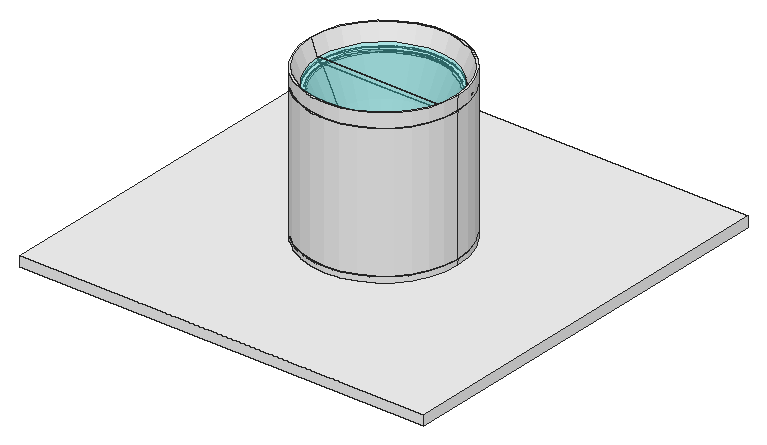
Revit family "BE_24407_de_DE", category Leuchten, Revit 2020
Family settings
  Basisbauteil = Fläche
  Bemaßung runder Anschluss = Durchmesser verwenden
  Teiletyp = Normal
  Beim Laden mit Abzugskörper schneiden = Ja
  Lichtquelle = Ja
  Gemeinsam genutzt = Nein
  Raumberechnungspunkt = Ja
Parameters (values of type "BEGA_24407_Weiß_K4")
  built-in parameter 1150104 = 12.914 (stored number, unit not read)
  Wattage = 11.5 W
  Default Elevation = 0 mm
  built-in parameter 1150113 = 1 (stored number, unit not read)
  built-in parameter 1114218 = 1 (stored number, unit not read)
  Umgebungstemperatur = "25 °C"
  URL = "https://www.bega.com/de/produkt/24407"
  Typenkommentare = "© 2022 BEGA. Wir behalten uns das Recht vor, technische Änderungen ohne vorherige Ankündigung vorzunehmen."  # constant formula
  Type Image = 24407.png
  built-in parameter 1150134 = 12
  built-in parameter 1150109 = 1 (stored number, unit not read)
  Strom = "0,35 A"
  built-in parameter 1150110 = 1 (stored number, unit not read)
  Spannung = 239.996 V
  Sonderanfertigung = no
  Seriennummer [instance] = "Hier können Sie die eindeutige Seriennummer für das Facility Management eintragen."
  Schutzklasse = "I"
  Schutzart = "IP 65"
  Scheinlast = 0 VA
  Produktdatenblatt = "https://cdn.bega.com/bega/products/24407WK4/current/documents/data-sheets/de"
  Oberflächentemperatur = ""
  Neigungswinkel = 0.00°
  Modell = "24407WK4"
  Material_17 = BEGA_Reflektor
  Material_15 = BEGA_Leuchtmedium_matt
  Material_11 = BEGA_Glas_opal
  Material_09 = BEGA_Glas_klar
  Material_06 = BEGA_Oberfläche_Edelstahl_gebürstet
  Material_03 = BEGA_Oberfläche_Weiss_matt
  Material_02 = BEGA_Oberfläche_Silber_matt
  Material_01 [instance] = BEGA_Oberfläche_Grafit_matt
  M_W = yes
  M_G = no
  M_A = no
  Logo = 0
  built-in parameter 1114217 = 1 (stored number, unit not read)
  built-in parameter 1150139 = (empty or 0)
  built-in parameter 1150105 = 3942.2 (stored number, unit not read)
  built-in parameter 1150114 = 1 (stored number, unit not read)
  Lumens = 1598.5 lm
  built-in parameter 1150115 = 1 (stored number, unit not read)
  Leuchtenlichtstrom = "1595 lm"
  Leuchtenanzahl = ""
  Lebensdauerkriterien = "L70B50 @ 25 °C = 200000 h"
  Lastklassifizierung = Beleuchtung
  built-in parameter 1150112 = 1 (stored number, unit not read)
  Lampenlichtstrom = "2080 lm"
  Lampe = "LED 11.5 W"
  LED_Modulbezeichnung = "LED-0800/840"
  built-in parameter 1150142 = (empty or 0)
  Hersteller = "BEGA"  # constant formula
  Halbstreuwinkel = ""
  Gewicht = "1.7 kg"
  Gebrauchslageneinschränkung [instance] = ""
  Frequenz = "0/50-60 Hz"
  Farbwiedergabeindex = "CRI > 80"
  Farbtemperaturverschiebung bei Dämpfen der Lampe = <Keine Auswahl>
  Farbtemperatur = "4000 K"
  Color Filter = 16777215
  built-in parameter 1150133 = 10 (stored number, unit not read)
  Energieeffizienzklasse = "LED A++ - A"
  built-in parameter 1150137 = (empty or 0)
  built-in parameter 1150132 = (empty or 0)
  ENEC = "ja"
  Dimmbar [instance] = "DALI"
  Datei für fotometrisches Netz = "BE_24407K4.IES"
  CE_Konformität = "ja"
  Bestellnummer = "24407WK4"
  Beschreibung_Sonderanfertigung = "Hier können Sie Informationen zur Sonderanfertigung eintragen."
  Beschreibung = "Deckenaufbau-Tiefstrahler"
  built-in parameter 1150106 = 39.422 (stored number, unit not read)
  Befestigungsbohrung = "Ø 4,3 mm"
  Befestigungsabstand = "123 mm"
  Ballwurfsicher = ""
  BEGA_Intern_aus = yes
  BEGA_Intern_an = yes
  BEGA_Intern_Konstruktion = yes
  BEGA_Intern = yes
  BEGA_IES = yes
  BEGA_Dummy = no
  Anschlussleitung = ""
  Anschlussleistung [instance] = "13.2 W"
  Anschlusskasten = ""
  built-in parameter 1150107 = 4000 (stored number, unit not read)
  built-in parameter 1150102 = (empty or 0)
  built-in parameter 1150138 = (empty or 0)
  Aktualisierung = "2022-05-18T04:00:07"
  Abstand_zur_angestrahlten_Fläche [instance] = ""
  AC/DC = "AC/DC"
Types (4, lengths in mm): name | built-in parameter 1150104 | built-in parameter 1150134 | Modell | M_W | M_G | built-in parameter 1150105 | Lumens | Leuchtenlichtstrom | Lampenlichtstrom | LED_Modulbezeichnung | built-in parameter 1150142 | Farbtemperatur | Datei für fotometrisches Netz | Bestellnummer | built-in parameter 1150106 | built-in parameter 1150107
  BEGA_24407_Weiß_K3 | 12.542 (stored number, unit not read) | (empty or 0) | "24407WK3" | yes | no | 3828.8 (stored number, unit not read) | 1552.5 lm | "1553 lm" | "2025 lm" | "LED-0800/830" | (empty or 0) | "3000 K" | "BE_24407K3.IES" | "24407WK3" | 38.288 (stored number, unit not read) | 3000 (stored number, unit not read)
  BEGA_24407_Grafit_K4 | 12.914 (stored number, unit not read) | 12 | "24407K4" | no | yes | 3942.2 (stored number, unit not read) | 1598.5 lm | "1595 lm" | "2080 lm" | "LED-0800/840" | "IESNA:LM-63-1995\r\n[TEST] \r\n[MANUFAC] BEGA\r\n[MORE] Converted by LUMCat V \r\n[MORE] 12.07.2019 / H.R.\r\n[LUMCAT] \r\n[LUMINAIRE] 24407K4\r\n[LAMPCAT] LED  11,5W\r\n[LAMPCAT] LED  11,5W    1595 lm,   13 W\r\n[LAMP] LED  11,5W\r\nTILT=NONE\r\n1    1595 1.0 37 1 1 2 -0.120 0.000 0.000\r\n1.0 1.0 13\r\n   0.0   2.5   5.0   7.5  10.0  12.5  15.0  17.5  20.0  22.5  25.0  27.5  30.0\r\n  32.5  35.0  37.5  40.0  42.5  45.0  47.5  50.0  52.5  55.0  57.5  60.0  62.5\r\n  65.0  67.5  70.0  72.5  75.0  77.5  80.0  82.5  85.0  87.5  90.0\r\n   0.0\r\n    3921.8    3933.6    3926.3    3741.9    3323.7    2852.0    2228.7    1606.5\r\n    1154.6     875.6     720.4     614.7     520.1     433.9     346.4     277.4\r\n     200.4     124.7      71.1      41.1      28.8      21.9      16.9      11.5\r\n       5.9       1.9       0.4       0.0       0.0       0.0       0.0       0.0\r\n       0.0       0.0       0.0       0.0       0.0\r\n" | "4000 K" | "BE_24407K4.IES" | "24407K4" | 39.422 (stored number, unit not read) | 4000 (stored number, unit not read)
  BEGA_24407_Grafit_K3 | 12.542 (stored number, unit not read) | (empty or 0) | "24407K3" | no | yes | 123.54 (stored number, unit not read) | 1552.5 lm | "1553 lm" | "2025 lm" | "LED-0800/830" | "IESNA:LM-63-1995\r\n[TEST] \r\n[MANUFAC] BEGA\r\n[MORE] Converted by LUMCat V \r\n[MORE] 12.07.2019 / H.R.\r\n[LUMCAT] \r\n[LUMINAIRE] 24407K3\r\n[LAMPCAT] LED  11,5W\r\n[LAMPCAT] LED  11,5W    1553 lm,   13 W\r\n[LAMP] LED  11,5W\r\nTILT=NONE\r\n1    1553 1.0 37 1 1 2 -0.120 0.000 0.000\r\n1.0 1.0 13\r\n   0.0   2.5   5.0   7.5  10.0  12.5  15.0  17.5  20.0  22.5  25.0  27.5  30.0\r\n  32.5  35.0  37.5  40.0  42.5  45.0  47.5  50.0  52.5  55.0  57.5  60.0  62.5\r\n  65.0  67.5  70.0  72.5  75.0  77.5  80.0  82.5  85.0  87.5  90.0\r\n   0.0\r\n    3818.5    3830.0    3822.9    3643.3    3236.1    2776.9    2170.0    1564.2\r\n    1124.2     852.5     701.4     598.5     506.4     422.4     337.3     270.1\r\n     195.1     121.4      69.2      40.0      28.0      21.4      16.4      11.2\r\n       5.7       1.8       0.4       0.0       0.0       0.0       0.0       0.0\r\n       0.0       0.0       0.0       0.0       0.0\r\n" | "3000 K" | "BE_24407K3.IES" | "24407K3" | 1.2354 (stored number, unit not read) | 3000 (stored number, unit not read)
  BEGA_24407_Weiß_K4 | 12.914 (stored number, unit not read) | 12 | "24407WK4" | yes | no | 3942.2 (stored number, unit not read) | 1598.5 lm | "1595 lm" | "2080 lm" | "LED-0800/840" | (empty or 0) | "4000 K" | "BE_24407K4.IES" | "24407WK4" | 39.422 (stored number, unit not read) | 4000 (stored number, unit not read)
Reference planes
  plane 1 "Mitte (Vorne/Hinten)": y = 0
  plane 2: z = 0
  plane 3 "Mitte (Links/Rechts)": x = 0
  plane 4 "Links": x = -73.502
  plane 5 "Rechts": x = 73.5
  plane 6 "Unten": y = -73.507
  plane 7 "Oben": y = 73.524
  plane 8 "Vorne": z = 150.379
  plane 9 "Hinten": z = 0
Forms (mm)
  Extrusion 1, solid, material "BEGA_Platte_Weiss"
    sketch origin (0, -1119.2, 0) x (1, 0, 0) y (0, 1, 0)
      loop
        line (-200, 1319.2) -> (-200, 919.2) -> (200, 919.2) -> (200, 1319.2) -> (-200, 1319.2)
    from 0 to -10
  Extrusion 2, solid, material "BEGA_Dummy_matt", visible <- "BEGA_Dummy"
    sketch origin (77.149, -76.023, 0) x (1, 0, 0) y (0, 1, 0)
      loop
        circle (-77.149, 76.023) r 73.511
    from 0 to 150.2
Dimensions and locks
  plane 1 "Mitte (Vorne/Hinten)" to Extrusion 1 = 200 mm
  aligned and locked: plane 2 to Extrusion 1
  aligned and locked: level to Extrusion 1
Nested families
  nested 1: "BE_24407" at (0, 0, 0), type "BE_24407"
Connectors
  electrical at (0, 0, 0), driven by "Lastklassifizierung", driven by "Spannung", driven by "Scheinlast"
    settings: index 1, voltage 239.996 V, apparent load 0 VA, apparent load phase1 0 VA, apparent load phase2 0 VA, apparent load phase3 0 VA, power factor 1, load classification "Beleuchtung", number of poles 1, system type 31, power factor state 1, is connector primary yes, connector utility no, sub classification motor no, connector description ""
Definition of nested family "BE_24407"
  Parameters (values of type "BE_24407")
    Default Elevation = 1 mm
    URL = "http://www.bega.de/de/produkt"
    Type Comments = "© 2015 BEGA. Wir behalten uns das Recht vor, technische Änderungen ohne vorherige Ankündigung vorzunehmen. "  # constant formula
    Type Image = (empty or 0)
    Neigungswinkel_um_Z2 = 0.00°
    Neigungswinkel_um_Z1 = 0.00°
    Neigungswinkel_um_Y2 = 0.00°
    Neigungswinkel_um_Y1 = 0.00°
    Neigungswinkel_um_X2 = 0.00°
    Neigungswinkel_um_X1 = 0.00°
    Material_17 = none
    Material_15 = none
    Material_11 = none
    Material_09 = none
    Material_06 = none
    Material_03 = none
    Material_02 = none
    Material_01 = none
    M_W = yes
    M_G = yes
    M_A = yes
    Länge_Platte = 200 mm  # constant formula
    Höhe_Platte = -10 mm  # constant formula
    Manufacturer = "BEGA"  # constant formula
    Drehwinkel_um_Z2 = 0.00°
    Drehwinkel_um_Z1 = 0.00°
    Breite_Platte = 200 mm  # constant formula
  Reference planes
    plane 1 "Mitte (Oben/Unten)": y = 0
    plane 2: z = 0
    plane 3 "Mitte (Links/Rechts)": x = 0
    plane 4 "Hinten": z = -40
    plane 5 "Links": x = -73.502
    plane 6 "Oben": y = 73.524
    plane 7 "Unten": y = -73.507
    plane 8: z = 150.2
    plane 9: x = 73.5
  Forms (mm)
    Extrusion 1, solid, detail levels medium
      sketch origin (0, 0, 0) x (1, 0, 0) y (0, 1, 0)
        loop
          line (-100, 100) -> (-100, -100) -> (100, -100) -> (100, 100) -> (-100, 100)
      from 0 to -10 <- "Höhe_Platte"
    Revolve 2, solid, material <- "Material_01", visible <- "M_G"
      sketch origin (0, 0, 0) x (1, 0, 0) y (0, 0, 1)
        loop
          line (-73.5, 136.2) -> (-73.5, 6) -> (-72.592, 6) -> (-71.5, 9) -> (-71.5, 24.964) -> (-63.501, 24.964) -> (-62.435, 55.5) -> (0, 55.5) -> (0, 60.5) -> (-61.52, 60.5) -> (-63.5, 117.2) -> (-71.5, 117.2) -> (-71.5, 133.2) -> (-72.592, 136.2) -> (-73.5, 136.2)
        axis (0, 6) -> (0, 136.2)
      angle from 0 to 360
    Revolve 3, solid, material <- "Material_17"
      sketch origin (0, 0, 0) x (1, 0, 0) y (0, 0, 1)
        loop
          arc (-61.084, 127.6) -> (-45.934, 95.233) -> (-27.286, 64.746) r 321.6
          arc (-27.286, 64.746) -> (-26.772, 64.283) -> (-26.105, 64.1) r 1.5
          line (-26.105, 64.1) -> (-25.035, 64.1) -> (-22.5, 64.1) -> (-22.5, 65.2)
          arc (-22.5, 65.2) -> (-22.646, 65.554) -> (-23, 65.7) r 0.5
          line (-23, 65.7) -> (-25.969, 65.7)
          arc (-25.969, 65.7) -> (-44.763, 96.49) -> (-59.972, 129.2) r 319.974
          line (-59.972, 129.2) -> (-64.916, 129.2) -> (-65, 127.6) -> (-61.084, 127.6)
        axis (0, 64.1) -> (0, 129.2)
      angle from 0 to 360
    Revolve 4, solid, material <- "Material_01", visible <- "M_G"
      sketch origin (0, 0, 0) x (1, 0, 0) y (0, 0, 1)
        loop
          line (-73.5, 150.2) -> (-73.5, 137.217) -> (-71.384, 136.994) -> (-69.5, 133.468) -> (-70.5, 132.891) -> (-70.5, 124.35) -> (-68.578, 123.7) -> (-66.339, 123.7) -> (-66.152, 129.2) -> (-62.553, 129.2)
          arc (-62.553, 129.2) -> (-61.858, 129.481) -> (-61.554, 130.166) r 1
          line (-61.554, 130.166) -> (-61.517, 131.2) -> (-64.965, 131.2) -> (-65, 132.2) -> (-72, 150.2) -> (-73.5, 150.2)
        axis (0, 123.7) -> (0, 150.2)
      angle from 0 to 360
    Revolve 5, solid, material <- "Material_15"
      sketch origin (0, 0, 0) x (1, 0, 0) y (0, 0, 1)
        loop
          line (-16, 60.5) -> (0, 60.5) -> (0, 62.05) -> (-16, 62.05) -> (-16, 60.5)
        axis (0, 60.5) -> (0, 62.05)
      angle from 0 to 360
    Revolve 6, solid, material <- "Material_09"
      sketch origin (0, 0, 0) x (1, 0, 0) y (0, 0, 1)
        loop
          line (-64.5, 135.8) -> (-64.5, 131.7) -> (0, 131.7) -> (0, 135.8) -> (-64.5, 135.8)
        axis (0, 131.7) -> (0, 135.8)
      angle from 0 to 360
    Revolve 7, solid, material <- "Material_03", visible <- "M_W"
      sketch origin (0, 0, 0) x (1, 0, 0) y (0, 0, 1)
        loop
          line (-73.5, 136.2) -> (-73.5, 6) -> (-72.592, 6) -> (-71.5, 9) -> (-71.5, 24.964) -> (-63.501, 24.964) -> (-62.435, 55.5) -> (0, 55.5) -> (0, 60.5) -> (-61.52, 60.5) -> (-63.5, 117.2) -> (-71.5, 117.2) -> (-71.5, 133.2) -> (-72.592, 136.2) -> (-73.5, 136.2)
        axis (0, 6) -> (0, 136.2)
      angle from 0 to 360
    Revolve 8, solid, material <- "Material_03", visible <- "M_W"
      sketch origin (0, 0, 0) x (1, 0, 0) y (0, 0, 1)
        loop
          line (-73.5, 150.2) -> (-73.5, 137.217) -> (-71.384, 136.994) -> (-69.5, 133.468) -> (-70.5, 132.891) -> (-70.5, 124.35) -> (-68.578, 123.7) -> (-66.339, 123.7) -> (-66.152, 129.2) -> (-62.553, 129.2)
          arc (-62.553, 129.2) -> (-61.858, 129.481) -> (-61.554, 130.166) r 1
          line (-61.554, 130.166) -> (-61.517, 131.2) -> (-64.965, 131.2) -> (-65, 132.2) -> (-72, 150.2) -> (-73.5, 150.2)
        axis (0, 123.7) -> (0, 150.2)
      angle from 0 to 360
    Revolve 9, solid, material <- "Material_01", visible <- "M_G"
      sketch origin (0, 0, 0) x (1, 0, 0) y (0, 0, 1)
        loop
          line (-66.29, 17) -> (0, 17) -> (0, 20) -> (-70.5, 20) -> (-70.5, 5.299) -> (-73.502, 4.983) -> (-73.502, 0) -> (-66.884, 0) -> (-66.29, 17)
        axis (0, 0) -> (0, 20)
      angle from 0 to 360
    Extrusion 10, solid, material <- "Material_01", visible <- "M_G"
      sketch origin (0, 0, 0) x (1, 0, 0) y (0, 1, 0)
        loop
          circle (-61.5, 0) r 2.233
        loop
          circle (-61.5, 0) r 6.309
        loop
          circle (61.5, 0) r 2.233
        loop
          circle (61.5, 0) r 6.309
      from 0 to 24.964
    Revolve 11, solid, material <- "Material_03", visible <- "M_W"
      sketch origin (0, 0, 0) x (1, 0, 0) y (0, 0, 1)
        loop
          line (-66.29, 17) -> (0, 17) -> (0, 20) -> (-70.5, 20) -> (-70.5, 5.299) -> (-73.502, 4.983) -> (-73.502, 0) -> (-66.884, 0) -> (-66.29, 17)
        axis (0, 0) -> (0, 20)
      angle from 0 to 360
    Extrusion 12, solid, material <- "Material_03", visible <- "M_W"
      sketch origin (0, 0, 0) x (1, 0, 0) y (0, 1, 0)
        loop
          circle (-61.5, 0) r 2.233
        loop
          circle (-61.5, 0) r 6.309
        loop
          circle (61.5, 0) r 2.233
        loop
          circle (61.5, 0) r 6.309
      from 0 to 24.964
    Extrusion 13, void
      sketch origin (0, 0, 0) x (1, 0, 0) y (0, 1, 0)
        loop
          circle (-20, -46) r 7.197
        loop
          circle (-20, 46) r 7.197
      from 0 to 24.964
  Cuts and joins
    Extrusion 13 cuts Revolve 9
    Extrusion 13 cuts Extrusion 10
    joined: Revolve 9, Extrusion 10
    Extrusion 13 cuts Revolve 11
    Extrusion 13 cuts Extrusion 12
    joined: Revolve 11, Extrusion 12
    Extrusion 13 cuts Revolve 2
    Extrusion 13 cuts Revolve 3
    Extrusion 13 cuts Revolve 6
    Extrusion 13 cuts Revolve 7
  Dimensions and locks
    equal spacing: Extrusion 1 sketch curve, plane 3 "Mitte (Links/Rechts)", Extrusion 1 sketch curve
    equal spacing: Extrusion 1 sketch curve, plane 1 "Mitte (Oben/Unten)", Extrusion 1 sketch curve
    "Länge_Platte": Extrusion 1 sketch curve to Extrusion 1 sketch curve
    "Breite_Platte": Extrusion 1 sketch curve to Extrusion 1 sketch curve
    aligned and locked: plane 2 to Extrusion 1
    aligned and locked: level to Extrusion 1
  Automatic sketch dimensions
    Revolve 2 sketch curve to plane 3 "Mitte (Links/Rechts)" = 0 mm  (x2)
    Revolve 2 sketch curve to plane 3 "Mitte (Links/Rechts)" = 61.52 mm
    Revolve 2 sketch curve to Revolve 2 sketch curve = 0.915 mm
    Revolve 2 sketch curve to Revolve 2 sketch curve = 1.98 mm
    Revolve 2 sketch curve to Revolve 2 sketch curve = 1.066 mm
    level to Revolve 2 sketch curve = 9 mm
    Revolve 2 sketch curve to Revolve 2 sketch curve = 7.999 mm
    Revolve 2 sketch curve to Revolve 2 sketch curve = 8 mm
    Revolve 2 sketch curve to Revolve 2 sketch curve = 1.092 mm  (x2)
    level to Revolve 2 sketch curve = 6 mm
    Revolve 2 sketch curve to Revolve 2 sketch curve = 0.908 mm
    Revolve 2 sketch curve to Revolve 2 sketch curve = 15.964 mm
    level to Revolve 2 sketch curve = 55.5 mm
    Revolve 2 sketch curve to Revolve 2 sketch curve = 5 mm
    Revolve 2 sketch curve to Revolve 2 sketch curve = 56.7 mm
    Revolve 2 sketch curve to Revolve 2 sketch curve = 16 mm
    Revolve 2 sketch curve to Revolve 2 sketch curve = 3 mm
    Revolve 2 sketch curve to Revolve 2 sketch curve = 38.059 mm
    Revolve 2 sketch curve to Revolve 2 sketch curve = 10 mm
    Revolve 3 sketch curve to Revolve 3 sketch curve = 0 mm  (x4)
    Revolve 3 sketch curve to plane 3 "Mitte (Links/Rechts)" = 0 mm
    Revolve 3 sketch curve to plane 3 "Mitte (Links/Rechts)" = 22.5 mm
    Revolve 3 sketch curve to Revolve 3 sketch curve = 0.5 mm
    Revolve 3 sketch curve to Revolve 3 sketch curve = 2.035 mm
    Revolve 3 sketch curve to Revolve 3 sketch curve = 1.07 mm
    Revolve 3 sketch curve to plane 3 "Mitte (Links/Rechts)" = 59.972 mm
    Revolve 3 sketch curve to Revolve 3 sketch curve = 1.111 mm
    Revolve 3 sketch curve to Revolve 3 sketch curve = 3.833 mm
    Revolve 3 sketch curve to Revolve 3 sketch curve = 0.084 mm
    Revolve 3 sketch curve to Revolve 3 sketch curve = 1.1 mm
    Revolve 3 sketch curve to Revolve 3 sketch curve = 1.6 mm
    Revolve 3 sketch curve to Revolve 3 sketch curve = 2.969 mm
    Revolve 3 sketch curve to Revolve 3 sketch curve = 36.359 mm
    Revolve 3 sketch curve to Revolve 3 sketch curve = 5 mm
    Revolve 3 sketch curve to Revolve 3 sketch curve = 0.054 mm
    Revolve 3 sketch curve to Revolve 3 sketch curve = 1.499 mm
    Revolve 3 sketch curve to Revolve 3 sketch curve = 20.541 mm
    Revolve 4 sketch curve to plane 3 "Mitte (Links/Rechts)" = 0 mm
    Revolve 4 sketch curve to plane 3 "Mitte (Links/Rechts)" = 61.517 mm
    Revolve 4 sketch curve to Revolve 4 sketch curve = 0.036 mm
    Revolve 4 sketch curve to Revolve 4 sketch curve = 0.999 mm
    Revolve 4 sketch curve to Revolve 4 sketch curve = 2.412 mm
    Revolve 4 sketch curve to Revolve 4 sketch curve = 0.035 mm
    Revolve 4 sketch curve to Revolve 4 sketch curve = 1.187 mm
    Revolve 4 sketch curve to Revolve 4 sketch curve = 0.187 mm
    Revolve 4 sketch curve to Revolve 4 sketch curve = 2.239 mm
    Revolve 4 sketch curve to Revolve 4 sketch curve = 4.5 mm
    Revolve 4 sketch curve to Revolve 4 sketch curve = 1 mm  (x2)
    Revolve 4 sketch curve to Revolve 4 sketch curve = 1.884 mm
    Revolve 4 sketch curve to Revolve 4 sketch curve = 0.616 mm
    Revolve 4 sketch curve to Revolve 4 sketch curve = 2.116 mm
    Revolve 4 sketch curve to Revolve 4 sketch curve = 0.65 mm
    Revolve 4 sketch curve to Revolve 4 sketch curve = 5.5 mm
    Revolve 4 sketch curve to Revolve 4 sketch curve = 0.966 mm
    Revolve 4 sketch curve to Revolve 4 sketch curve = 1.034 mm
    Revolve 4 sketch curve to Revolve 4 sketch curve = 0.691 mm
    Revolve 4 sketch curve to Revolve 4 sketch curve = 0.577 mm
    Revolve 4 sketch curve to Revolve 4 sketch curve = 3.526 mm
    Revolve 4 sketch curve to Revolve 4 sketch curve = 0.222 mm
    Revolve 4 sketch curve to Revolve 4 sketch curve = 12.983 mm
    Revolve 4 sketch curve to Revolve 4 sketch curve = 10 mm
    Revolve 5 sketch curve to plane 3 "Mitte (Links/Rechts)" = 0 mm  (x2)
    Revolve 5 sketch curve to Revolve 5 sketch curve = 16 mm
    Revolve 5 sketch curve to Revolve 5 sketch curve = 0 mm
    level to Revolve 5 sketch curve = 60.5 mm
    Revolve 5 sketch curve to Revolve 5 sketch curve = 1.55 mm
    Revolve 5 sketch curve to Revolve 5 sketch curve = 10.335 mm
    Revolve 5 sketch curve to Revolve 5 sketch curve = 2.718 mm
    Revolve 6 sketch curve to plane 3 "Mitte (Links/Rechts)" = 0 mm  (x2)
    Revolve 6 sketch curve to Revolve 6 sketch curve = 64.5 mm
    Revolve 6 sketch curve to Revolve 6 sketch curve = 4.1 mm
    Revolve 6 sketch curve to Revolve 6 sketch curve = 20 mm
    Revolve 6 sketch curve to Revolve 6 sketch curve = 17.052 mm
    Revolve 7 sketch curve to plane 3 "Mitte (Links/Rechts)" = 0 mm  (x2)
    Revolve 7 sketch curve to plane 3 "Mitte (Links/Rechts)" = 61.52 mm
    Revolve 7 sketch curve to Revolve 7 sketch curve = 0.915 mm
    Revolve 7 sketch curve to Revolve 7 sketch curve = 1.98 mm
    Revolve 7 sketch curve to Revolve 7 sketch curve = 1.066 mm
    level to Revolve 7 sketch curve = 9 mm
    Revolve 7 sketch curve to Revolve 7 sketch curve = 7.999 mm
    Revolve 7 sketch curve to Revolve 7 sketch curve = 8 mm
    Revolve 7 sketch curve to Revolve 7 sketch curve = 1.092 mm  (x2)
    level to Revolve 7 sketch curve = 6 mm
    Revolve 7 sketch curve to Revolve 7 sketch curve = 0.908 mm
    Revolve 7 sketch curve to Revolve 7 sketch curve = 15.964 mm
    level to Revolve 7 sketch curve = 55.5 mm
    Revolve 7 sketch curve to Revolve 7 sketch curve = 5 mm
    Revolve 7 sketch curve to Revolve 7 sketch curve = 56.7 mm
    Revolve 7 sketch curve to Revolve 7 sketch curve = 16 mm
    Revolve 7 sketch curve to Revolve 7 sketch curve = 3 mm
    Revolve 7 sketch curve to Revolve 7 sketch curve = 38.059 mm
    Revolve 7 sketch curve to Revolve 7 sketch curve = 10 mm
    Revolve 8 sketch curve to plane 3 "Mitte (Links/Rechts)" = 0 mm
    Revolve 8 sketch curve to plane 3 "Mitte (Links/Rechts)" = 61.517 mm
    Revolve 8 sketch curve to Revolve 8 sketch curve = 0.036 mm
    Revolve 8 sketch curve to Revolve 8 sketch curve = 0.999 mm
    Revolve 8 sketch curve to Revolve 8 sketch curve = 2.412 mm
    Revolve 8 sketch curve to Revolve 8 sketch curve = 0.035 mm
    Revolve 8 sketch curve to Revolve 8 sketch curve = 1.187 mm
    Revolve 8 sketch curve to Revolve 8 sketch curve = 0.187 mm
    Revolve 8 sketch curve to Revolve 8 sketch curve = 2.239 mm
    Revolve 8 sketch curve to Revolve 8 sketch curve = 4.5 mm
    Revolve 8 sketch curve to Revolve 8 sketch curve = 1 mm  (x2)
    Revolve 8 sketch curve to Revolve 8 sketch curve = 1.884 mm
    Revolve 8 sketch curve to Revolve 8 sketch curve = 0.616 mm
    Revolve 8 sketch curve to Revolve 8 sketch curve = 2.116 mm
    Revolve 8 sketch curve to Revolve 8 sketch curve = 0.65 mm
    Revolve 8 sketch curve to Revolve 8 sketch curve = 5.5 mm
    Revolve 8 sketch curve to Revolve 8 sketch curve = 0.966 mm
    Revolve 8 sketch curve to Revolve 8 sketch curve = 1.034 mm
    Revolve 8 sketch curve to Revolve 8 sketch curve = 0.691 mm
    Revolve 8 sketch curve to Revolve 8 sketch curve = 0.577 mm
    Revolve 8 sketch curve to Revolve 8 sketch curve = 3.526 mm
    Revolve 8 sketch curve to Revolve 8 sketch curve = 0.222 mm
    Revolve 8 sketch curve to Revolve 8 sketch curve = 12.983 mm
    Revolve 8 sketch curve to Revolve 8 sketch curve = 10 mm
    level to Revolve 3 sketch curve = 64.1 mm
    level to Revolve 4 sketch curve = 123.7 mm
    Revolve 4 sketch curve to Revolve 4 sketch curve = 21.001 mm
    level to Revolve 6 sketch curve = 131.7 mm
    level to Revolve 8 sketch curve = 123.7 mm
    Revolve 8 sketch curve to Revolve 8 sketch curve = 21.001 mm
    plane 3 "Mitte (Links/Rechts)" to Revolve 3 sketch curve = 237.314 mm
    Revolve 9 sketch curve to level = 0 mm
    Revolve 9 sketch curve to plane 5 "Links" = 0 mm
    Revolve 9 sketch curve to plane 3 "Mitte (Links/Rechts)" = 0 mm  (x2)
    plane 5 "Links" to Revolve 9 sketch curve = 3.003 mm
    Revolve 9 sketch curve to Revolve 9 sketch curve = 3.616 mm
    Revolve 9 sketch curve to Revolve 9 sketch curve = 4.21 mm
    Revolve 9 sketch curve to Revolve 9 sketch curve = 4.983 mm
    Revolve 9 sketch curve to Revolve 9 sketch curve = 0.316 mm
    Revolve 9 sketch curve to Revolve 9 sketch curve = 11.701 mm
    Revolve 9 sketch curve to Revolve 9 sketch curve = 3 mm
    Revolve 9 sketch curve to Revolve 9 sketch curve = 7.056 mm
    Revolve 9 sketch curve to Revolve 9 sketch curve = 11.305 mm
    Extrusion 10 sketch curve to Extrusion 10 sketch curve = 0 mm  (x4)
    plane 1 "Mitte (Oben/Unten)" to Extrusion 10 sketch curve = 0 mm  (x2)
    plane 5 "Links" to Extrusion 10 sketch curve = 12.002 mm
    Extrusion 10 sketch curve to plane 9 = 12 mm
    Revolve 11 sketch curve to level = 0 mm
    Revolve 11 sketch curve to plane 5 "Links" = 0 mm
    Revolve 11 sketch curve to plane 3 "Mitte (Links/Rechts)" = 0 mm  (x2)
    plane 5 "Links" to Revolve 11 sketch curve = 3.003 mm
    Revolve 11 sketch curve to Revolve 11 sketch curve = 3.616 mm
    Revolve 11 sketch curve to Revolve 11 sketch curve = 4.21 mm
    Revolve 11 sketch curve to Revolve 11 sketch curve = 4.983 mm
    Revolve 11 sketch curve to Revolve 11 sketch curve = 0.316 mm
    Revolve 11 sketch curve to Revolve 11 sketch curve = 11.701 mm
    Revolve 11 sketch curve to Revolve 11 sketch curve = 3 mm
    Revolve 11 sketch curve to Revolve 11 sketch curve = 7.056 mm
    Revolve 11 sketch curve to Revolve 11 sketch curve = 11.305 mm
    Extrusion 12 sketch curve to Extrusion 12 sketch curve = 0 mm  (x4)
    plane 1 "Mitte (Oben/Unten)" to Extrusion 12 sketch curve = 0 mm  (x2)
    plane 5 "Links" to Extrusion 12 sketch curve = 12.002 mm
    Extrusion 12 sketch curve to plane 9 = 12 mm
    radius of Extrusion 10 sketch curve = 2.233 mm  (x2)
    radius of Extrusion 10 sketch curve = 6.309 mm  (x2)
    radius of Extrusion 12 sketch curve = 2.233 mm  (x2)
    radius of Extrusion 12 sketch curve = 6.309 mm  (x2)
